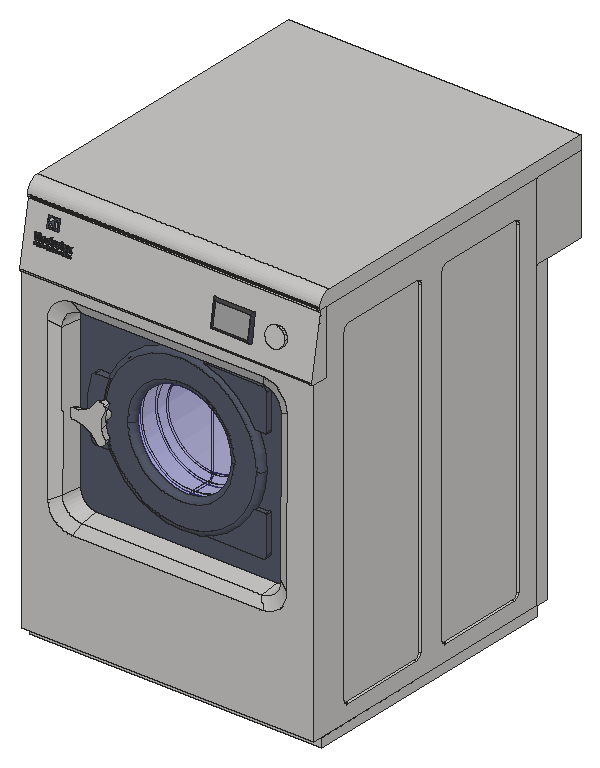
Revit family "QF_ELECTROLUXPROFESSIONAL_1LSN2C_WH6-6_E", category Attrezzature speciali, Revit 2021
Family settings
  Quota connettore circolare = Usa diametro
  Tipo di parte = Normale
  Basato su piano di lavoro = No
  Sempre verticale = Sì
  Taglio con vuoti quando caricato = No
  Condiviso = No
  Punto di calcolo locali = No
Parameters (values of type "9863430037")
  Weight = 58
  Watts = 2400 W
  Volts = 400 V
  URL = "www.electroluxprofessional.com"
  Steam Pounds per Hour = 0
  Show Logo [instance] = yes
  Show Clearance [instance] = yes
  Sensible Heat Output = "0.0"
  Produttore = "Electrolux Professional"
  Phase = 3
  Modello = "WH6-6"
  Length Actual = 681 mm
  Latent Heat Output = "0.0"
  Item Number = "1L0ED8"
  Hot Water Size [instance] = 20 mm
  Height Actual = 832 mm
  Gas KW = 0
  Direct Waste Size [instance] = 50 mm
  Descrizione = "WASHER EXTRACTOR WH6-6 6KG/13LB EL 4,4KW 380-400/220-230/50/3N/1N COMPASS PRO 6M26 2.I/O 2xWATER POWDER+5xLIQ. PUMP ..."
  Prospetto di default = 0 mm
  Depth Actual = 595 mm
  Cycle = 50 Hz
  Corrente [instance] = "11.0"
  Cold Water Size [instance] = 20 mm
Reference planes
  plane 1: z = 0
  plane 2 "BACK": y = 372.8
  plane 3 "FRONT": y = -306.9
  plane 4 "LEFT": x = -799
  plane 5 "RIGHT": x = -64
  plane 6 "TOP": z = 830.2
Forms (mm)
  Extrusion 1, solid, material "QF_Finishes_Stainless Steel"
    sketch origin (0, 0, 0) x (1, 0, 0) y (0, 1, 0)
      loop
        line (-799, 261.1) -> (-799, -286.9) -> (-204, -286.9) -> (-204, 261.1) -> (-799, 261.1)
    from 0 to 20
  Extrusion 2, solid, material "QF_Finishes_Stainless Steel"
    sketch origin (718.1, -398.1, 598.796) x (0, 0, -1) y (0, 1, 0)
      loop
        line (578.796, 659.2) -> (-201.404, 659.2) -> (-201.404, 122.184) -> (-73.404, 122.184) -> (-73.404, 91.2) -> (578.796, 91.2) -> (578.796, 659.2)
    from -1517.1 to -922.1
  Extrusion 3, solid, material "QF_Finishes_Stainless Steel"
    sketch origin (718.1, -413.1, 314.696) x (0, 0, -1) y (0, 1, 0)
      loop
        line (-485.504, 785.9) -> (-515.504, 785.9) -> (-515.504, 147.6)
        arc (-515.504, 147.6) -> (-508.182, 129.923) -> (-490.504, 122.6) r 25
        line (-490.504, 122.6) -> (-488.385, 122.6)
        arc (-488.385, 122.6) -> (-486.348, 123.444) -> (-485.504, 125.481) r 2.881
        line (-485.504, 125.481) -> (-485.504, 785.9)
    from -1517.1 to -922.1
  Extrusion 4, solid, material "QF_Finishes_Stainless Steel"
    sketch origin (718.1, -398.1, 598.796) x (0, 0, -1) y (0, 1, 0)
      loop
        line (-43.022, 659.2) -> (-43.022, 770.9) -> (-201.404, 770.9) -> (-201.404, 659.2) -> (-43.022, 659.2)
    from -1517.1 to -922.1
  Blend 5, solid, material "QF_Finishes_Stainless Steel"
    base sketch origin (655.734, 372.8, -65.972) x (0, 0, 1) y (1, 0, 0)
      loop
        circle (514, -1157.1) r 168
    top sketch origin (655.734, 372.8, -65.972) x (0, 0, 1) y (1, 0, 0)
      loop
        circle (514, -1157.1) r 93
    from -86.7 to -46.82
  Blend 6, void
    base sketch origin (1799, -398.1, 640.994) x (0, 0, -1) y (1, 0, 0)
      loop
        arc (17.312, -2485.479) -> (27.287, -2508.58) -> (50.413, -2518.496) r 34
        arc (50.413, -2518.496) -> (204.152, -2520.341) -> (357.882, -2517.867) r 5474
        arc (357.882, -2517.867) -> (380.921, -2507.903) -> (390.844, -2484.847) r 34
        arc (390.844, -2484.847) -> (393.46, -2300.5) -> (390.844, -2116.153) r 6496.247
        arc (390.844, -2116.153) -> (380.921, -2093.097) -> (357.882, -2083.133) r 34
        arc (357.882, -2083.133) -> (204.152, -2080.659) -> (50.413, -2082.504) r 5474
        arc (50.413, -2082.504) -> (27.287, -2092.42) -> (17.312, -2115.521) r 34
        arc (17.312, -2115.521) -> (14.669, -2300.5) -> (17.312, -2485.479) r 6474
    top sketch origin (1799, -398.1, 640.994) x (0, 0, -1) y (1, 0, 0)
      loop
        arc (11.708, -2485.254) -> (23.444, -2512.433) -> (50.653, -2524.1) r 40
        arc (50.653, -2524.1) -> (204.164, -2525.936) -> (357.666, -2523.471) r 5479.595
        arc (357.666, -2523.471) -> (384.773, -2511.748) -> (396.448, -2484.622) r 40
        arc (396.448, -2484.622) -> (399.055, -2300.5) -> (396.448, -2116.378) r 6501.842
        arc (396.448, -2116.378) -> (384.773, -2089.252) -> (357.666, -2077.529) r 40
        arc (357.666, -2077.529) -> (204.164, -2075.064) -> (50.653, -2076.9) r 5479.595
        arc (50.653, -2076.9) -> (23.444, -2088.567) -> (11.708, -2115.746) r 40
        arc (11.708, -2115.746) -> (9.074, -2300.5) -> (11.708, -2485.254) r 6479.595
    from -140.025 to -101.9
  Sweep 7, solid, material "QF_Finishes_Navy Blue"
    path origin (1799, -258.075, 640.994) x (0, 0, -1) y (1, 0, 0)
      loop
        circle (193.036, -2300.359) r 163.892
    profile origin (-665.252, -258.075, 447.958) x (0, -1, 0) y (1, 0, 0)
      loop
        arc (0, 1.34) -> (10, 1.34) -> (15, 10) r 10
        line (15, 10) -> (15, 55.1)
        arc (15, 55.1) -> (10, 63.76) -> (0, 63.76) r 10
        line (0, 63.76) -> (0, 1.34)
  Extrusion 8, void
    sketch origin (737.083, -398.1, 512.286) x (0, 0, -1) y (1, 0, 0)
      loop
        circle (64.327, -1238.437) r 157.984
    from -451.9 to -140.025
  Revolve 9, solid, material "QF_Finishes_Glass"
    sketch origin (-501.359, 0, -3.804) x (0, 1, 0) y (0, 0, 1)
      loop
        line (-258.075, 609.746) -> (-258.075, 569.065)
        arc (-258.075, 569.065) -> (-253.681, 558.458) -> (-243.075, 554.065) r 15
        line (-243.075, 554.065) -> (-203.798, 554.065)
        arc (-203.798, 554.065) -> (-196.727, 551.136) -> (-193.798, 544.065) r 10
        line (-193.798, 544.065) -> (-193.798, 451.762) -> (-188.798, 451.762) -> (-188.798, 544.065)
        arc (-188.798, 544.065) -> (-193.191, 554.672) -> (-203.798, 559.065) r 15
        line (-203.798, 559.065) -> (-243.075, 559.065)
        arc (-243.075, 559.065) -> (-250.146, 561.994) -> (-253.075, 569.065) r 10
        line (-253.075, 569.065) -> (-253.075, 609.746) -> (-258.075, 609.746)
      axis (-258.075, 451.762) -> (-188.798, 451.762)
    angle from 0 to 360
  Extrusion 10, solid, material "QF_Finishes_Navy Blue"
    sketch origin (1799, -398.1, 511.899) x (0, 0, 1) y (-1, 0, 0)
      loop
        arc (-138.662, 2129.17) -> (-137.249, 2129.757) -> (-136.663, 2131.17) r 2.001
        line (-136.663, 2131.17) -> (-136.665, 2160.109)
        arc (-136.665, 2160.109) -> (-193.941, 2210.588) -> (-220.858, 2282.03) r 157.984
        line (-220.858, 2282.03) -> (-220.845, 2137.124)
        arc (-220.845, 2137.124) -> (-218.488, 2131.494) -> (-212.847, 2129.164) r 8
        line (-212.847, 2129.164) -> (-138.662, 2129.17)
    from -140.025 to -130.025
  Extrusion 11, solid, material "QF_Finishes_Stainless Steel"
    sketch origin (774.256, -398.1, 512.339) x (0, 0, -1) y (1, 0, 0)
      loop
        circle (63.902, -1430.269) r 12
    from -125.025 to -106.2
  Blend 12, solid, material "QF_Finishes_Stainless Steel"
    base sketch origin (774.256, -398.1, 512.339) x (0, 0, -1) y (1, 0, 0)
      loop
        arc (50.22, -1447.259) -> (53.068, -1457.304) -> (53.866, -1467.714) r 52.31
        arc (53.866, -1467.714) -> (55.421, -1471.602) -> (59.133, -1473.541) r 6.031
        arc (59.133, -1473.541) -> (64.307, -1473.849) -> (69.48, -1473.542) r 43.662
        arc (69.48, -1473.542) -> (73.193, -1471.604) -> (74.749, -1467.716) r 6.031
        arc (74.749, -1467.716) -> (81.756, -1440.261) -> (102.032, -1420.469) r 52.396
        arc (102.032, -1420.469) -> (104.622, -1417.178) -> (104.444, -1412.994) r 6.031
        arc (104.444, -1412.994) -> (102.124, -1408.36) -> (99.272, -1404.033) r 43.662
        arc (99.272, -1404.033) -> (95.737, -1401.786) -> (91.592, -1402.383) r 6.031
        arc (91.592, -1402.383) -> (82.177, -1406.896) -> (72.053, -1409.45) r 52.31
        arc (72.053, -1409.45) -> (53.923, -1408.985) -> (37.034, -1402.379) r 52.491
        arc (37.034, -1402.379) -> (32.889, -1401.781) -> (29.354, -1404.027) r 6.031
        arc (29.354, -1404.027) -> (26.5, -1408.353) -> (24.18, -1412.987) r 43.662
        arc (24.18, -1412.987) -> (24.001, -1417.171) -> (26.591, -1420.463) r 6.031
        arc (26.591, -1420.463) -> (40.755, -1431.789) -> (50.22, -1447.259) r 52.491
    top sketch origin (774.256, -398.1, 512.339) x (0, 0, -1) y (1, 0, 0)
      loop
        arc (55.209, -1445.949) -> (58.579, -1457.755) -> (59.557, -1469.994) r 61.975
        arc (59.557, -1469.994) -> (64.361, -1470.277) -> (69.165, -1469.982) r 40.09
        arc (69.165, -1469.982) -> (77.404, -1437.725) -> (101.161, -1414.401) r 61.904
        arc (101.161, -1414.401) -> (99.031, -1410.145) -> (96.412, -1406.173) r 40.09
        arc (96.412, -1406.173) -> (85.323, -1411.444) -> (73.412, -1414.426) r 61.975
        arc (73.412, -1414.426) -> (52.094, -1413.883) -> (32.213, -1406.167) r 62.168
        arc (32.213, -1406.167) -> (29.593, -1410.139) -> (27.462, -1414.394) r 40.09
        arc (27.462, -1414.394) -> (34.62, -1419.011) -> (41.075, -1424.568) r 61.793
        arc (41.075, -1424.568) -> (49.253, -1434.524) -> (55.209, -1445.949) r 62.31
    from -91.2 to -106.2
  Blend 13, void
    base sketch origin (1799, -258.075, 640.994) x (0, 0, 1) y (1, 0, 0)
      loop
        arc (-40.17, -2544.974) -> (-5.739, -2530.172) -> (9.142, -2495.774) r 50.744
        arc (9.142, -2495.774) -> (12.075, -2300.5) -> (9.142, -2105.226) r 6500.744
        arc (9.142, -2105.226) -> (-5.739, -2070.828) -> (-40.17, -2056.026) r 50.744
        arc (-40.17, -2056.026) -> (-204.188, -2053.915) -> (-368.196, -2056.696) r 5500.744
        arc (-368.196, -2056.696) -> (-402.497, -2071.57) -> (-417.301, -2105.901) r 50.744
        arc (-417.301, -2105.901) -> (-420.204, -2300.5) -> (-417.301, -2495.099) r 6522.991
        arc (-417.301, -2495.099) -> (-402.497, -2529.43) -> (-368.196, -2544.304) r 50.744
        arc (-368.196, -2544.304) -> (-204.188, -2547.085) -> (-40.17, -2544.974) r 5500.744
    top sketch origin (1799, -258.075, 640.994) x (0, 0, 1) y (1, 0, 0)
      loop
        arc (-11.708, -2485.254) -> (-9.074, -2300.5) -> (-11.708, -2115.746) r 6479.595
        arc (-11.708, -2115.746) -> (-23.444, -2088.567) -> (-50.653, -2076.9) r 40
        arc (-50.653, -2076.9) -> (-204.164, -2075.064) -> (-357.666, -2077.529) r 5479.595
        arc (-357.666, -2077.529) -> (-384.773, -2089.252) -> (-396.448, -2116.378) r 40
        arc (-396.448, -2116.378) -> (-399.055, -2300.5) -> (-396.448, -2484.622) r 6501.842
        arc (-396.448, -2484.622) -> (-384.773, -2511.748) -> (-357.666, -2523.471) r 40
        arc (-357.666, -2523.471) -> (-204.164, -2525.936) -> (-50.653, -2524.1) r 5479.595
        arc (-50.653, -2524.1) -> (-23.444, -2512.433) -> (-11.708, -2485.254) r 40
    from -48.825 to -38.125
  Blend 14, void
    base sketch origin (-439, -182.75, 0) x (0, 1, 0) y (0, 0, 1)
      loop
        arc (-34.813, 747.751) -> (-44.621, 743.688) -> (-48.683, 733.881) r 13.87
        line (-48.683, 733.881) -> (-48.683, 64.954)
        arc (-48.683, 64.954) -> (-44.621, 55.147) -> (-34.813, 51.084) r 13.87
        line (-34.813, 51.084) -> (137.113, 51.084)
        arc (137.113, 51.084) -> (146.921, 55.147) -> (150.983, 64.954) r 13.87
        line (150.983, 64.954) -> (150.983, 733.881)
        arc (150.983, 733.881) -> (146.921, 743.688) -> (137.113, 747.751) r 13.87
        line (137.113, 747.751) -> (-34.813, 747.751)
    top sketch origin (-439, -182.75, 0) x (0, 1, 0) y (0, 0, 1)
      loop
        line (138.453, 745.351) -> (-36.153, 745.351)
        arc (-36.153, 745.351) -> (-43.316, 742.383) -> (-46.283, 735.22) r 10.13
        line (-46.283, 735.22) -> (-46.283, 63.615)
        arc (-46.283, 63.615) -> (-43.316, 56.452) -> (-36.153, 53.484) r 10.13
        line (-36.153, 53.484) -> (138.453, 53.484)
        arc (138.453, 53.484) -> (145.616, 56.452) -> (148.583, 63.615) r 10.13
        line (148.583, 63.615) -> (148.583, 735.22)
        arc (148.583, 735.22) -> (145.616, 742.383) -> (138.453, 745.351) r 10.13
    from -360 to -355
  Blend 15, void
    base sketch origin (-439, 66.75, 0) x (0, 1, 0) y (0, 0, 1)
      loop
        arc (-34.813, 747.751) -> (-44.621, 743.688) -> (-48.683, 733.881) r 13.87
        line (-48.683, 733.881) -> (-48.683, 64.954)
        arc (-48.683, 64.954) -> (-44.621, 55.147) -> (-34.813, 51.084) r 13.87
        line (-34.813, 51.084) -> (137.113, 51.084)
        arc (137.113, 51.084) -> (146.921, 55.147) -> (150.983, 64.954) r 13.87
        line (150.983, 64.954) -> (150.983, 733.881)
        arc (150.983, 733.881) -> (146.921, 743.688) -> (137.113, 747.751) r 13.87
        line (137.113, 747.751) -> (-34.813, 747.751)
    top sketch origin (-439, 66.75, 0) x (0, 1, 0) y (0, 0, 1)
      loop
        line (138.453, 745.351) -> (-36.153, 745.351)
        arc (-36.153, 745.351) -> (-43.316, 742.383) -> (-46.283, 735.22) r 10.13
        line (-46.283, 735.22) -> (-46.283, 63.615)
        arc (-46.283, 63.615) -> (-43.316, 56.452) -> (-36.153, 53.484) r 10.13
        line (-36.153, 53.484) -> (138.453, 53.484)
        arc (138.453, 53.484) -> (145.616, 56.452) -> (148.583, 63.615) r 10.13
        line (148.583, 63.615) -> (148.583, 735.22)
        arc (148.583, 735.22) -> (145.616, 742.383) -> (138.453, 745.351) r 10.13
    from -360 to -355
  Extrusion 16, solid, material "QF_Finishes_Stainless Steel"
    sketch origin (718.1, -398.1, 524.9) x (0, 0, -1) y (0, 1, 0)
      loop
        line (504.9, 659.2) -> (504.9, 684.2) -> (-116.918, 684.2) -> (-116.918, 659.2) -> (504.9, 659.2)
    from -1517.1 to -922.1
  Blend 17, void
    base sketch origin (-564, -182.75, 0) x (0, 1, 0) y (0, 0, -1)
      loop
        line (-34.813, -747.751) -> (137.113, -747.751)
        arc (137.113, -747.751) -> (146.921, -743.688) -> (150.983, -733.881) r 13.87
        line (150.983, -733.881) -> (150.983, -64.954)
        arc (150.983, -64.954) -> (146.921, -55.147) -> (137.113, -51.084) r 13.87
        line (137.113, -51.084) -> (-34.813, -51.084)
        arc (-34.813, -51.084) -> (-44.621, -55.147) -> (-48.683, -64.954) r 13.87
        line (-48.683, -64.954) -> (-48.683, -733.881)
        arc (-48.683, -733.881) -> (-44.621, -743.688) -> (-34.813, -747.751) r 13.87
    top sketch origin (-564, -182.75, 0) x (0, 1, 0) y (0, 0, -1)
      loop
        arc (138.453, -745.351) -> (145.616, -742.383) -> (148.583, -735.22) r 10.13
        line (148.583, -735.22) -> (148.583, -63.615)
        arc (148.583, -63.615) -> (145.616, -56.452) -> (138.453, -53.484) r 10.13
        line (138.453, -53.484) -> (-36.153, -53.484)
        arc (-36.153, -53.484) -> (-43.316, -56.452) -> (-46.283, -63.615) r 10.13
        line (-46.283, -63.615) -> (-46.283, -735.22)
        arc (-46.283, -735.22) -> (-43.316, -742.383) -> (-36.153, -745.351) r 10.13
        line (-36.153, -745.351) -> (138.453, -745.351)
    from -360 to -355
  Blend 18, void
    base sketch origin (-564, 66.75, 0) x (0, 1, 0) y (0, 0, -1)
      loop
        line (-34.813, -747.751) -> (137.113, -747.751)
        arc (137.113, -747.751) -> (146.921, -743.688) -> (150.983, -733.881) r 13.87
        line (150.983, -733.881) -> (150.983, -64.954)
        arc (150.983, -64.954) -> (146.921, -55.147) -> (137.113, -51.084) r 13.87
        line (137.113, -51.084) -> (-34.813, -51.084)
        arc (-34.813, -51.084) -> (-44.621, -55.147) -> (-48.683, -64.954) r 13.87
        line (-48.683, -64.954) -> (-48.683, -733.881)
        arc (-48.683, -733.881) -> (-44.621, -743.688) -> (-34.813, -747.751) r 13.87
    top sketch origin (-564, 66.75, 0) x (0, 1, 0) y (0, 0, -1)
      loop
        arc (138.453, -745.351) -> (145.616, -742.383) -> (148.583, -735.22) r 10.13
        line (148.583, -735.22) -> (148.583, -63.615)
        arc (148.583, -63.615) -> (145.616, -56.452) -> (138.453, -53.484) r 10.13
        line (138.453, -53.484) -> (-36.153, -53.484)
        arc (-36.153, -53.484) -> (-43.316, -56.452) -> (-46.283, -63.615) r 10.13
        line (-46.283, -63.615) -> (-46.283, -735.22)
        arc (-46.283, -735.22) -> (-43.316, -742.383) -> (-36.153, -745.351) r 10.13
        line (-36.153, -745.351) -> (138.453, -745.351)
    from -360 to -355
  Extrusion 19, solid, material "QF_Finishes_Navy Blue"
    sketch origin (1799, -398.1, 384.158) x (0, 0, -1) y (1, 0, 0)
      loop
        line (-138.662, -2129.17) -> (-212.847, -2129.164)
        arc (-212.847, -2129.164) -> (-218.488, -2131.494) -> (-220.845, -2137.124) r 8
        line (-220.845, -2137.124) -> (-220.858, -2282.03)
        arc (-220.858, -2282.03) -> (-193.941, -2210.588) -> (-136.665, -2160.109) r 157.984
        line (-136.665, -2160.109) -> (-136.663, -2131.17)
        arc (-136.663, -2131.17) -> (-137.249, -2129.757) -> (-138.662, -2129.17) r 2.001
    from -140.025 to -130.025
  Extrusion 20, solid, material "QF_Finishes_Navy Blue"
    sketch origin (1471.204, -398.1, 618.971) x (0, 0, 1) y (-1, 0, 0)
      loop
        line (-106.047, 2116.572) -> (-106.047, 2145.048)
        arc (-106.047, 2145.048) -> (-107.973, 2150.949) -> (-113.011, 2154.576) r 10
        arc (-113.011, 2154.576) -> (-170.922, 2163.594) -> (-228.842, 2154.631) r 191.031
        arc (-228.842, 2154.631) -> (-233.885, 2151.004) -> (-235.815, 2145.1) r 10
        line (-235.815, 2145.1) -> (-235.815, 2116.645)
        arc (-235.815, 2116.645) -> (-170.923, 2130.547) -> (-106.047, 2116.572) r 157.984
    from -140.025 to -125.025
  Sweep 21, solid, material "QF_Finishes_Black"
    path origin (-1296.196, -327.051, 581.834) x (0, 0.173648, 0.984808) y (-1, 0, 0)
      loop
        line (121.52, -965.009) -> (176.52, -965.009) -> (176.52, -882.261) -> (121.52, -882.261) -> (121.52, -965.009)
    profile origin (-331.187, -301.174, 728.59) x (-1, 0, 0) y (0, -0.984808, 0.173648)
      loop
        line (5, 0) -> (5, 5)
        arc (5, 5) -> (1.464, 3.536) -> (0, 0) r 5
        line (0, 0) -> (5, 0)
  Extrusion 22, solid, material "QF_Finishes_Dark Grey"
    sketch origin (-479, -310.318, 676.73) x (0, 0.173648, 0.984808) y (-1, 0, 0)
      loop
        line (30.16, -70.065) -> (30.16, -142.813) -> (75.16, -142.813) -> (75.16, -70.065) -> (30.16, -70.065)
    from 0 to 4
  Extrusion 23, solid, material "QF_Finishes_Stainless Steel"
    sketch origin (-499, 119.935, -217.376) x (0, 1, 0) y (0, 0, 1)
      loop
        line (-395.851, 889.576) -> (-395.851, 1017.576) -> (-404.286, 1017.576)
        arc (-404.286, 1017.576) -> (-407.5, 1016.406) -> (-409.21, 1013.444) r 5
        line (-409.21, 1013.444) -> (-430.43, 893.097)
        arc (-430.43, 893.097) -> (-429.774, 890.648) -> (-427.476, 889.576) r 3
        line (-427.476, 889.576) -> (-395.851, 889.576)
    from -300 to 295
  Extrusion 24, solid, material "QF_Finishes_Stainless Steel"
    sketch origin (-499, -310.439, 676.042) x (0, 0.173648, 0.984808) y (-1, 0, 0)
      loop
        circle (55.088, -215.558) r 20
    from 0 to 4.981
  Revolve 25, solid, material "QF_Door-Drawer Clearances", visible <- "Show Clearance", detail levels coarse
    sketch origin (-1732.685, -274.5, 4000) x (-1, 0, 0) y (0, 0, 1)
      loop
        circle (-1231.319, -3551.972) r 163.386
      axis (-1403.685, -3551.972) -> (-1403.685, -3550.972)
    angle from 0 to 90
  Extrusion 26, solid, material "QF_Finishes_Stainless Steel"
    sketch origin (-148.213, 33.843, 641.818) x (1, 0, 0) y (0, -1, 0)
      loop
        circle (-566.987, -276.757) r 13.9
      loop
        circle (-456.987, -276.757) r 13.9
      loop
        circle (-104.587, -286.357) r 13.9
    from 0 to 5
  Extrusion 27, solid, material "QF_Finishes_Stainless Steel"
    sketch origin (508.137, 286.1, -61.225) x (0, 0, 1) y (1, 0, 0)
      loop
        circle (127.125, -789.637) r 30
    from 0 to 5
  Extrusion 28, solid
    sketch origin (-652.538, -384.591, 255.505) x (-1, 0, 0) y (0, -0.173648, -0.984808)
      loop
        line (117.185, -498.69) -> (124.622, -498.69) -> (124.622, -490.031)
        arc (124.622, -490.031) -> (123.643, -487.668) -> (121.28, -486.689) r 3.341
        line (121.28, -486.689) -> (117.042, -486.689) -> (117.042, -488.632) -> (120.796, -488.632)
        arc (120.796, -488.632) -> (122.03, -489.049) -> (122.555, -490.241) r 1.615
        line (122.555, -490.241) -> (122.555, -491.958) -> (117.507, -491.958) -> (117.507, -493.907) -> (122.555, -493.907) -> (122.555, -496.746) -> (117.185, -496.746) -> (117.185, -498.69)
      loop
        line (115.573, -498.69) -> (115.573, -486.689) -> (113.507, -486.689) -> (113.507, -498.69) -> (115.573, -498.69)
      loop
        line (70.681, -498.69) -> (70.681, -486.689) -> (68.613, -486.689) -> (68.613, -498.69) -> (70.681, -498.69)
      loop
        line (110.089, -490.521) -> (103.306, -490.521)
        arc (103.306, -490.521) -> (104.367, -494.248) -> (107.995, -495.607) r 4.298
        arc (107.995, -495.607) -> (111.19, -493.986) -> (112.102, -490.521) r 4.373
        arc (112.102, -490.521) -> (110.902, -487.624) -> (108.005, -486.424) r 4.097
        arc (108.005, -486.424) -> (105.75, -486.757) -> (103.86, -488.03) r 5.15
        line (103.86, -488.03) -> (105.084, -489.254)
        arc (105.084, -489.254) -> (106.691, -488.29) -> (108.559, -488.452) r 3.039
        arc (108.559, -488.452) -> (109.697, -489.21) -> (110.089, -490.521) r 2.013
      loop
        line (110.037, -491.975) -> (105.382, -491.975)
        arc (105.382, -491.975) -> (106.036, -493.349) -> (107.471, -493.855) r 1.983
        arc (107.471, -493.855) -> (109.127, -493.424) -> (110.037, -491.975) r 2.321
      loop
        line (95.248, -492.84) -> (93.951, -494.138)
        arc (93.951, -494.138) -> (95.578, -495.316) -> (97.556, -495.668) r 4.497
        arc (97.556, -495.668) -> (100.573, -494.566) -> (102.156, -491.771) r 4.652
        arc (102.156, -491.771) -> (99.487, -486.872) -> (94.024, -488.001) r 4.684
        line (94.024, -488.001) -> (95.315, -489.292)
        arc (95.315, -489.292) -> (98.1, -488.37) -> (100.096, -490.521) r 2.714
        arc (100.096, -490.521) -> (99.957, -492.222) -> (98.786, -493.464) r 2.578
        arc (98.786, -493.464) -> (96.912, -493.75) -> (95.248, -492.84) r 2.961
      loop
        line (92.681, -498.69) -> (92.681, -490.489)
        arc (92.681, -490.489) -> (92.502, -489.259) -> (92.042, -488.104) r 5.301
        arc (92.042, -488.104) -> (90.566, -486.931) -> (88.698, -486.684) r 3.531
        line (88.698, -486.684) -> (88.698, -488.621)
        arc (88.698, -488.621) -> (89.254, -488.663) -> (89.772, -488.868) r 1.862
        arc (89.772, -488.868) -> (90.436, -489.571) -> (90.614, -490.521) r 1.713
        line (90.614, -490.521) -> (90.614, -493.491) -> (88.737, -493.491) -> (88.737, -495.369) -> (90.614, -495.369) -> (90.614, -498.69) -> (92.681, -498.69)
      loop
        arc (84.947, -491.252) -> (84.8, -492.117) -> (84.373, -492.884) r 2.607
        arc (84.373, -492.884) -> (83.135, -493.52) -> (81.743, -493.491) r 2.84
        line (81.743, -493.491) -> (81.743, -495.477)
        arc (81.743, -495.477) -> (83.561, -495.306) -> (84.947, -494.117) r 3.016
        line (84.947, -494.117) -> (84.947, -495.369) -> (86.997, -495.369) -> (86.997, -486.689) -> (84.947, -486.689) -> (84.947, -491.252)
      loop
        circle (76.689, -491.027) r 4.599
      loop
        circle (76.689, -491.027) r 2.787
      loop
        arc (61.158, -490.304) -> (61.669, -488.901) -> (63.053, -488.341) r 1.835
        arc (63.053, -488.341) -> (64.437, -488.901) -> (64.948, -490.304) r 1.835
        line (64.948, -490.304) -> (64.948, -495.368) -> (67.032, -495.368) -> (67.032, -490.132)
        arc (67.032, -490.132) -> (65.846, -487.428) -> (63.053, -486.47) r 3.675
        arc (63.053, -486.47) -> (60.229, -487.457) -> (59.075, -490.217) r 3.675
        line (59.075, -490.217) -> (59.075, -495.368) -> (61.158, -495.368) -> (61.158, -490.304)
      loop
        line (57.825, -495.368) -> (54.824, -491.293) -> (58.121, -486.686) -> (55.899, -486.686) -> (53.711, -489.744) -> (51.489, -486.686) -> (49.282, -486.686) -> (52.532, -491.34) -> (49.56, -495.368) -> (51.816, -495.368) -> (53.718, -492.792) -> (55.589, -495.368) -> (57.825, -495.368)
      loop
        line (123.459, -481.715) -> (125.107, -481.715) -> (125.107, -477.564) -> (124.205, -477.564) -> (124.205, -478.994) -> (123.208, -478.994)
        arc (123.208, -478.994) -> (122.093, -480.469) -> (123.459, -481.715) r 1.372
      loop
        arc (123.248, -479.809) -> (122.906, -480.343) -> (123.248, -480.876) r 0.587
        line (123.248, -480.876) -> (124.205, -480.876) -> (124.205, -479.809) -> (123.248, -479.809)
      loop
        line (116.947, -481.715) -> (118.624, -481.715) -> (118.624, -477.564) -> (117.722, -477.564) -> (117.722, -478.994) -> (116.849, -478.994) -> (116.252, -477.564) -> (115.284, -477.564) -> (116.1, -479.314)
        arc (116.1, -479.314) -> (115.709, -479.782) -> (115.578, -480.377) r 1.281
        arc (115.578, -480.377) -> (115.99, -481.325) -> (116.947, -481.715) r 1.37
      loop
        line (117.722, -480.876) -> (117.722, -479.809) -> (116.764, -479.809)
        arc (116.764, -479.809) -> (116.423, -480.343) -> (116.764, -480.876) r 0.587
        line (116.764, -480.876) -> (117.722, -480.876)
      loop
        circle (109.985, -479.64) r 2.156
      loop
        circle (109.985, -479.64) r 1.368
      loop
        line (104.287, -481.714) -> (104.287, -477.564) -> (103.407, -477.564) -> (103.407, -479.015) -> (101.845, -479.015) -> (101.845, -479.945) -> (103.407, -479.945) -> (103.407, -480.82) -> (101.695, -480.82) -> (101.695, -481.714) -> (104.287, -481.714)
      loop
        line (98.195, -481.714) -> (98.195, -478.912)
        arc (98.195, -478.912) -> (97.812, -477.963) -> (96.868, -477.568) r 1.327
        line (96.868, -477.568) -> (95.528, -477.568) -> (95.528, -478.352) -> (96.787, -478.352)
        arc (96.787, -478.352) -> (97.251, -478.735) -> (97.342, -479.33) r 0.845
        line (97.342, -479.33) -> (95.684, -479.33) -> (95.684, -480.114) -> (97.342, -480.114) -> (97.342, -480.931) -> (95.569, -480.931) -> (95.569, -481.714) -> (98.195, -481.714)
      loop
        arc (83.167, -481.189) -> (83.716, -481.64) -> (84.413, -481.784) r 1.485
        arc (84.413, -481.784) -> (85.055, -481.626) -> (85.584, -481.227) r 1.645
        arc (85.584, -481.227) -> (85.682, -480.285) -> (85.074, -479.558) r 1.217
        arc (85.074, -479.558) -> (84.563, -479.387) -> (84.078, -479.153) r 4.201
        arc (84.078, -479.153) -> (83.771, -478.792) -> (83.983, -478.368) r 0.43
        arc (83.983, -478.368) -> (84.375, -478.276) -> (84.765, -478.375) r 0.846
        arc (84.765, -478.375) -> (85.102, -478.618) -> (85.309, -478.979) r 0.983
        line (85.309, -478.979) -> (86.035, -478.64)
        arc (86.035, -478.64) -> (85.773, -478.136) -> (85.352, -477.755) r 1.595
        arc (85.352, -477.755) -> (84.874, -477.551) -> (84.356, -477.499) r 1.719
        arc (84.356, -477.499) -> (83.717, -477.626) -> (83.141, -477.932) r 2.246
        arc (83.141, -477.932) -> (82.887, -478.609) -> (83.018, -479.319) r 1.349
        arc (83.018, -479.319) -> (83.302, -479.647) -> (83.665, -479.884) r 1.564
        arc (83.665, -479.884) -> (84.123, -480.088) -> (84.594, -480.265) r 8.236
        arc (84.594, -480.265) -> (84.866, -480.687) -> (84.473, -481.001) r 0.375
        arc (84.473, -481.001) -> (84.002, -480.888) -> (83.641, -480.566) r 0.998
        line (83.641, -480.566) -> (83.167, -481.189)
      loop
        line (79.359, -481.714) -> (79.359, -477.568) -> (78.506, -477.568) -> (78.506, -481.714) -> (79.359, -481.714)
      loop
        circle (72.757, -479.641) r 1.29
      loop
        circle (72.757, -479.641) r 2.154
      loop
        line (67.036, -477.568) -> (66.174, -477.568) -> (66.174, -480.175) -> (64.277, -477.568) -> (63.448, -477.568) -> (63.448, -481.714) -> (64.31, -481.714) -> (64.31, -479.028) -> (66.207, -481.714) -> (67.036, -481.714) -> (67.036, -477.568)
      loop
        line (59.149, -477.568) -> (58.745, -478.462) -> (57.211, -478.462) -> (56.807, -477.568) -> (55.891, -477.568) -> (57.642, -481.714) -> (58.442, -481.714) -> (60.064, -477.568) -> (59.149, -477.568)
      loop
        line (57.594, -479.313) -> (58.005, -480.224) -> (58.404, -479.313) -> (57.594, -479.313)
      loop
        line (51.655, -478.352) -> (51.655, -481.714) -> (52.508, -481.714) -> (52.508, -477.568) -> (50.06, -477.568) -> (50.06, -478.352) -> (51.655, -478.352)
      loop
        arc (89.384, -481.189) -> (89.934, -481.64) -> (90.63, -481.784) r 1.485
        arc (90.63, -481.784) -> (91.273, -481.626) -> (91.802, -481.227) r 1.645
        arc (91.802, -481.227) -> (91.899, -480.285) -> (91.291, -479.558) r 1.217
        arc (91.291, -479.558) -> (90.78, -479.387) -> (90.295, -479.153) r 4.201
        arc (90.295, -479.153) -> (89.989, -478.792) -> (90.2, -478.368) r 0.43
        arc (90.2, -478.368) -> (90.592, -478.276) -> (90.982, -478.375) r 0.846
        arc (90.982, -478.375) -> (91.32, -478.618) -> (91.526, -478.979) r 0.983
        line (91.526, -478.979) -> (92.252, -478.64)
        arc (92.252, -478.64) -> (91.991, -478.136) -> (91.569, -477.755) r 1.595
        arc (91.569, -477.755) -> (91.091, -477.551) -> (90.574, -477.499) r 1.719
        arc (90.574, -477.499) -> (89.935, -477.626) -> (89.359, -477.932) r 2.246
        arc (89.359, -477.932) -> (89.104, -478.609) -> (89.236, -479.319) r 1.349
        arc (89.236, -479.319) -> (89.519, -479.647) -> (89.882, -479.884) r 1.564
        arc (89.882, -479.884) -> (90.341, -480.088) -> (90.811, -480.265) r 8.236
        arc (90.811, -480.265) -> (91.083, -480.687) -> (90.69, -481.001) r 0.375
        arc (90.69, -481.001) -> (90.22, -480.888) -> (89.858, -480.566) r 0.998
        line (89.858, -480.566) -> (89.384, -481.189)
    from 0 to 1.6
  Extrusion 29, solid
    sketch origin (-499, -310.439, 676.042) x (0, 0.173648, 0.984808) y (-1, 0, 0)
      loop
        line (107.116, 241.926) -> (87.321, 241.926)
        arc (87.321, 241.926) -> (97.219, 234.609) -> (107.116, 241.926) r 10.352
      loop
        arc (107.116, 242.933) -> (105.245, 251.165) -> (97.793, 255.131) r 10.145
        line (97.793, 255.131) -> (97.793, 251.856)
        arc (97.793, 251.856) -> (100.167, 246.006) -> (105.683, 242.933) r 9.509
        line (105.683, 242.933) -> (107.116, 242.933)
      loop
        arc (88.755, 242.933) -> (94.27, 246.006) -> (96.645, 251.856) r 9.509
        line (96.645, 251.856) -> (96.645, 255.131)
        arc (96.645, 255.131) -> (89.131, 251.171) -> (87.067, 242.933) r 10.411
        line (87.067, 242.933) -> (88.755, 242.933)
      loop
        line (108.196, 255.882) -> (86.196, 255.882) -> (86.196, 233.852) -> (108.196, 233.852) -> (108.196, 255.882)
    from 0 to 1.6
Cuts and joins
  Blend 6, Extrusion 8, Blend 13, Blend 14, Blend 15, Blend 17, Blend 18 cuts Extrusion 2
  Blend 13 cuts Sweep 7
  Blend 13 cuts Extrusion 10
  joined: Sweep 7, Extrusion 10, Extrusion 19, Extrusion 20
  Blend 13 cuts Revolve 9
  joined: Extrusion 11, Blend 12
Lines and regions (mm)
  Split face 1
    outline origin (-499, -310.439, 676.042) x (0, 0.173648, 0.984808) y (-1, 0, 0)
      loop
        arc (118.887, 71.684) -> (117.325, 75.454) -> (113.555, 77.016) r 5.331
        line (113.555, 77.016) -> (16.813, 77.016)
        arc (16.813, 77.016) -> (12.926, 75.406) -> (11.315, 71.518) r 5.497
        line (11.315, 71.518) -> (11.315, -282.223)
        arc (11.315, -282.223) -> (12.926, -286.11) -> (16.813, -287.72) r 5.497
        line (16.813, -287.72) -> (113.389, -287.72)
        arc (113.389, -287.72) -> (117.277, -286.11) -> (118.887, -282.223) r 5.497
        line (118.887, -282.223) -> (118.887, 71.684)
  Split face 2
    outline origin (-499, -310.439, 676.042) x (0, 0.173648, 0.984808) y (-1, 0, 0)
      loop
        line (88.598, -287.72) -> (88.598, -37.647)
        arc (88.598, -37.647) -> (86.314, -26.166) -> (79.811, -16.433) r 30
        line (79.811, -16.433) -> (15.487, 46.221)
        arc (15.487, 46.221) -> (13.825, 46.834) -> (12.257, 46.009) r 2.178
        arc (12.257, 46.009) -> (11.558, 44.731) -> (11.315, 43.294) r 4.384
  Split face 3
    outline origin (-499, -310.439, 676.042) x (0, 0.173648, 0.984808) y (-1, 0, 0)
      loop
        line (93.598, -287.72) -> (93.598, -37.647)
        arc (93.598, -37.647) -> (90.934, -24.253) -> (83.347, -12.898) r 35
        line (83.347, -12.898) -> (48.219, 22.23)
        arc (48.219, 22.23) -> (42.799, 30.341) -> (40.896, 39.908) r 25
        line (40.896, 39.908) -> (40.896, 74.86) -> (47.896, 74.86) -> (47.896, 53.33)
        arc (47.896, 53.33) -> (49.654, 44.494) -> (54.659, 37.004) r 23.088
        line (54.659, 37.004) -> (93.953, -2.291)
        arc (93.953, -2.291) -> (104.792, -18.512) -> (108.598, -37.647) r 50
        line (108.598, -37.647) -> (108.598, -287.72)
  Split face 4
    outline origin (-499, -310.439, 676.042) x (0, 0.173648, 0.984808) y (-1, 0, 0)
      loop
        line (40.896, 292.016) -> (40.896, 81.524) -> (47.896, 81.524) -> (47.896, 292.016) -> (40.896, 292.016)
  symbolic lines
    curve 1: line (-799, -306.9, 830.2) -> (-204, -306.9, 830.2)
    curve 2: line (-204, 372.8, 0) -> (-204, -306.9, 0)
    curve 3: line (-799, 372.8, 0) -> (-799, -306.9, 0)
    curve 5: line (-204, 372.8, 830.2) -> (-799, 372.8, 830.2)
    curve 6: line (-799, -275.916, 830.2) -> (-204, -275.916, 830.2)
  symbolic lines, style "QF_Door-Drawer Clearances", visible <- "Show Clearance"
    curve 4: line (-329, -610.277, 0) -> (-329, -306.9, 0)
  symbolic lines, style "QF_Door-Drawer Clearances"
    curve 7: arc (-662.939, -306.9, 0) -> (-555.017, -523.584, 0) -> (-329, -610.277, 0) r 333.662
Dimensions and locks
  plane 4 "LEFT" to plane 5 "RIGHT" = 735 mm
  plane 2 "BACK" to plane 3 "FRONT" = 679.7 mm
  plane 6 "TOP" to level = 830.2 mm
  plane 2 "BACK" to Extrusion 26 sketch curve = 62.2 mm  (x2)
  plane 4 "LEFT" to Extrusion 26 sketch curve = 83.8 mm
  plane 4 "LEFT" to Extrusion 26 sketch curve = 193.8 mm
  Extrusion 26 sketch curve to Extrusion 3 = 48.8 mm
  plane 2 "BACK" to Extrusion 26 sketch curve = 52.6 mm
  level to Extrusion 27 sketch curve = 65.9 mm
  Extrusion 16 to Extrusion 27 sketch curve = 77.5 mm
  aligned and locked: level to plane 1
  aligned and locked: Extrusion 2 to plane 4 "LEFT"
  aligned and locked: Extrusion 3 to plane 4 "LEFT"
  aligned and locked: Extrusion 4 to plane 4 "LEFT"
Connectors
  piping at (-605.2, 310.6, 636.818), diameter 27.8
    settings: on Extrusion 26, index 1, connector inside diameter 609.6 mm, connector length 0 mm, flow factor 0, pipe flow 0.0 L/s, pressure drop 0.0 Pa, fitting loss kfactor 0, connector angle 0.00°, fixture units 0, engagement length 0 mm, angle of deflection 0.00°, flow configuration 1, flow direction 1, fitting loss method 0, system type 19, joint type 0, gender type 0, connector reference index -1, connector utility 0, adjustable connector no, is connector primary yes, connector description "Hot Water Inlet"
  piping at (-715.2, 310.6, 636.818), diameter 27.8
    settings: on Extrusion 26, index 2, connector inside diameter 609.6 mm, connector length 0 mm, flow factor 0, pipe flow 0.0 L/s, pressure drop 0.0 Pa, fitting loss kfactor 0, connector angle 0.00°, fixture units 0, engagement length 0 mm, angle of deflection 0.00°, flow configuration 1, flow direction 1, fitting loss method 0, system type 20, joint type 0, gender type 0, connector reference index -1, connector utility 0, adjustable connector no, is connector primary no, connector description "Cold Water Inlet"
  electrical at (-252.8, 320.2, 636.818)
    settings: on Extrusion 26, index 3, voltage 0 V, apparent load 0 VA, apparent load phase1 0 VA, apparent load phase2 0 VA, apparent load phase3 0 VA, power factor 1, load classification "Altro", number of poles 1, system type 30, power factor state 1, is connector primary yes, connector utility no, sub classification motor no, connector description "Electrical Connection"
  piping at (-281.5, 291.1, 65.9), diameter 60
    settings: on Extrusion 27, index 4, connector inside diameter 609.6 mm, connector length 0 mm, flow factor 0, pipe flow 0.0 L/s, pressure drop 0.0 Pa, fitting loss kfactor 0, connector angle 0.00°, fixture units 0, engagement length 0 mm, angle of deflection 0.00°, flow configuration 1, flow direction 2, fitting loss method 0, system type 16, joint type 0, gender type 0, connector reference index -1, connector utility 0, adjustable connector no, is connector primary no, connector description "Drain"
Types (140, lengths in mm): name | Watts | Volts | Phase | Item Number | Descrizione | Cycle | Corrente
  (no name) | 2400 W | 400 V | 3 | "1L0ED8" | "WASHER EXTRACTOR WH6-6 6KG/13LB EL 4,4KW 380-400/220-230/50/3N/1N COMPASS PRO 6M26 2.I/O 2xWATER POWDER+5xLIQ. PUMP ..." | 50 Hz | "11.0"
  9863430007 | 2400 W | 400 V | 3 | "1L0ECD" | "WASHER EXTRACTOR WH6-6 6KG/13LB EL 4,4KW 380-400/220-230/50/3N/1N COMPASS PRO 6H12 2.I/O 2xWATER POWDER+5xLIQ. QC VA..." | 50 Hz | "11.0"
  9863430017 | 2400 W | 400 V | 3 | "1L0ECN" | "WASHER WH6-6 6KG EL 4,4KW 380-400/220-230/50/3N/1N COMPASS PRO 6L25 ML 2xWATER POWDER+5xLIQ. PUMP SILVER EXT.PM. 2.I/O " | 50 Hz | "11.0"
  9863430207 | 4600 W | 480 V | 3 | "1L0H5S" | "WASHER EXTRACTOR WH6-6 MARINE 6KG/13LB EL 4,4KW 480/60/3 COMPASS PRO 6G07 2.I/O 2xWATER POWDER+5xLIQ. VALV.OPEN SLVR..." | 60 Hz | "10.0"
  9863430217 | 4200 W | 440 V | 3 | "1LT66F" | "Model: WH6-6 TYPE FAMILY W555H17 CH-EN MARINE 6KG EL 4KW 440/60/3 CPR 6G07 ML 2xWATER POWDER VALV.OPEN SILVER TRAFO" | 60 Hz | "9.9"
  9863430227 | 3500 W | 400 V | 3 | "1LT6GB" | "WASHER EXTRACTOR WH6-6 6KG/13LB EL 3,3KW 380-400/220-230/60/3N/1N COMPASS PRO 6G01 2.I/O 2xWATER POWDER+5xLIQ. VALV...." | 60 Hz | "15.8"
  9863430193 | 4200 W | 440 V | 3 | "1L0GUG" | "WASHER EXTRACTOR WH6-6 MARINE 6KG/13LB EL 4KW 440/60/3 COMPASS PRO 6G07 2xWATER POWDER VALV.OPEN SLVR/SLVR INS. TRAFO" | 60 Hz | "9.9"
  9863430173 | 500 W | 240 V | 1 | "1L999M" | "WASHER EXTRACTOR WH6-6 6KG/13LB NO HEAT 220-240/50/1N COMPASS PRO 6L25 2.I/O 2xWATER POWDER+5xLIQ. PUMP SST/SLVR" | 50 Hz | "4.0"
  9863430143 | 4200 W | 440 V | 3 | "1LA1AT" | "WASHER EXTRACTOR WH6-6 MARINE 6KG/13LB EL 4KW 440/60/3 COMPASS PRO 6G07 2xWATER POWDER VALV.OPEN SLVR/SLVR TRAFO" | 60 Hz | "9.9"
  9863430153 | 3000 W | 240 V | 1 | "1LA21G" | "WASHER EXTRACTOR WH6-6 6KG/13LB EL 2,8KW 220-240/50/1N COMPASS PRO 6G25 2.I/O 2xWATER POWDER+5xLIQ. PUMP SLVR/SLVR 1..." | 50 Hz | "13.2"
  9863430113 | 2400 W | 400 V | 3 | "1LSNGY" | "WASHER EXTRACTOR WH6-6 MARINE 6KG/13LB EL 4,4KW 380-400/220-230/60/3N/1N COMPASS PRO 6G27 2.I/O 2xWATER POWDER+5xLIQ..." | 60 Hz | "11.0"
  9863430088 | 3000 W | 240 V | 3 | "1L0EL6" | "WASHER EXTRACTOR WH6-6 6KG/13LB EL 2,8KW 208-240/60/3 COMPASS PRO 6L01 2.I/O 2xWATER POWDER+5xLIQ. VALV.OPEN SLVR/SLVR" | 60 Hz | "10.1"
  9863430098 | 2400 W | 400 V | 3 | "1LSNBM" | "WASHER EXTRACTOR WH6-6 6KG/13LB EL 4,4KW 380-400/220-230/50/3N/1N COMPASS PRO 6H12 2.I/O 2xWATER POWDER+5xLIQ. QC PU..." | 50 Hz | "11.0"
  9863430078 | 2400 W | 400 V | 3 | "1LSN6B" | "WASHER EXTRACTOR WH6-6 6KG/13LB EL 4,4KW 380-400/220-230/50/3N/1N COMPASS PRO 6A01 2xWATER POWDER VALV.OPEN SLVR/SLV..." | 50 Hz | "11.0"
  9863430058 | 2400 W | 400 V | 3 | "1L80G7" | "WASHER EXTRACTOR WH6-6 6KG/13LB EL 4,4KW 380-400/220-230/50/3N/1N COMPASS PRO 6A01 2xWATER POWDER EL.VALV.OPEN SLVR/..." | 50 Hz | "11.0"
  9863430028 | 4200 W | 440 V | 3 | "1L0ED0" | "WASHER EXTRACTOR WH6-6 MARINE 6KG/13LB EL 4KW 440/60/3 COMPASS PRO 6G27 2xWATER POWDER PUMP SLVR/SLVR TRAFO" | 60 Hz | "9.9"
  9863430018 | 2400 W | 400 V | 3 | "1L0ECP" | "WASHER EXTRACTOR WH6-6 6KG/13LB EL 4,4KW 380-400/220-230/50/3N/1N COMPASS PRO 6M14 2.I/O 2xWATER POWDER+5xLIQ. QC EL..." | 50 Hz | "11.0"
  9863430083 | 3000 W | 240 V | 1 | "1L0EK6" | "WASHER EXTRACTOR WH6-6 6KG/13LB EL 2,8KW 208-240/60/1 COMPASS PRO 6L01 2.I/O 2xWATER POWDER+5xLIQ. VALV.OPEN SLVR/SLVR" | 60 Hz | "13.2"
  9863430063 | 600 W | 120 V | 1 | "1L80GF" | "WASHER EXTRACTOR WH6-6 6KG/13LB NO HEAT 120/60/1N COMPASS PRO 6L33 2.I/O 2xWATER POWDER+5xLIQ. PUMP SLVR/SLVR TRAFO" | 60 Hz | "7.0"
  9863430186 | 4200 W | 440 V | 3 | "1L0GTB" | "WASHER EXTRACTOR WH6-6 MARINE 6KG/13LB EL 4KW 440/60/3 COMPASS PRO 6G27 2xWATER POWDER PUMP SLVR/SLVR TRAFO" | 60 Hz | "9.9"
  9863430023 | 2400 W | 400 V | 3 | "1L0ECV" | "WASHER EXTRACTOR WH6-6 6KG/13LB EL 4,4KW 380-400/220-230/50/3N/1N COMPASS PRO 6A01 2xWATER POWDER VALV.OPEN SLVR/SLV..." | 50 Hz | "11.0"
  9863430166 | 2400 W | 400 V | 3 | "1L0GE6" | "WASHER EXTRACTOR WH6-6 MARINE 6KG/13LB EL 4,4KW 380-400/220-230/60/3N/1N COMPASS PRO 6G27 2xWATER POWDER PUMP SLVR/SLVR" | 60 Hz | "11.0"
  9863430176 | 500 W | 240 V | 1 | "1L0GP0" | "WASHER EXTRACTOR WH6-6 6KG/13LB NO HEAT 220-240/50/1N COMPASS PRO 6G01 2xWATER POWDER VALV.OPEN SLVR/SLVR" | 50 Hz | "4.0"
  9863430146 | 4600 W | 230 V | 1 | "1LA21A" | "WASHER EXTRACTOR WH6-6 6KG/13LB EL 4,4KW 220-230/50/1N COMPASS PRO 6G01 2xWATER POWDER VALV.OPEN SLVR/SLVR" | 50 Hz | "20.6"
  9863430126 | 3500 W | 400 V | 3 | "1LSNRD" | "WASHER EXTRACTOR WH6-6 MARINE 6KG/13LB EL 3,3KW 380-400/50/3 COMPASS PRO 6G07 2.I/O 2xWATER POWDER+5xLIQ. EL.VALV.OP..." | 50 Hz | "9.1"
  9863430196 | 3500 W | 400 V | 3 | "1LSPHT" | "WASHER EXTRACTOR WH6-6 6KG/13LB EL 3,3KW 380-400/220-230/50/3N/1N COMPASS PRO 6M17 2.I/O 2xWATER POWDER+5xLIQ. EL.VA..." | 50 Hz | "15.8"
  9863430213 | 3800 W | 415 V | 3 | "1LT65S" | "WASHER EXTRACTOR WH6-6 MARINE 6KG/13LB EL 3,6KW 380-415/50/3 COMPASS PRO 6G07 2.I/O 2xWATER POWDER+5xLIQ. QC VALV.OP..." | 50 Hz | "9.4"
  9863430064 | 600 W | 120 V | 1 | "1L80GG" | "WASHER EXTRACTOR WH6-6 6KG/13LB NO HEAT 120/60/1N COMPASS PRO 6L33 2xWATER POWDER VALV.OPEN SLVR/SLVR ELS-NETW. TRAFO" | 60 Hz | "7.0"
  9863430044 | 3500 W | 200 V | 3 | "1L0EHE" | "WASHER EXTRACTOR WH6-6 6KG/13LB EL 3,3KW 200/50/60/3 COMPASS PRO 6H43 2.I/O 2xWATER POWDER+5xLIQ. VALV.OPEN SLVR/SLV..." | 50 Hz | "14.4"
  9863430189 | 3500 W | 400 V | 3 | "1L0GTE" | "WASHER EXTRACTOR WH6-6 MARINE 6KG/13LB EL 3,3KW 380-400/50/3 COMPASS PRO 6G07 2.I/O 2xWATER POWDER+5xLIQ. EL.VALV.OP..." | 50 Hz | "9.1"
  9863430024 | 4200 W | 440 V | 3 | "1L0ECW" | "WASHER EXTRACTOR WH6-6 MARINE 6KG/13LB EL 4KW 440/60/3 COMPASS PRO 6G07 2xWATER POWDER VALV.OPEN SLVR/SLVR INS. TRAFO" | 60 Hz | "9.9"
  9863430034 | 4200 W | 440 V | 3 | "1L0ED5" | "WASHER WH6-6 MARINE 6KG EL 4KW 440/60/3 COMPASS PRO 6G07 ML 2xWATER POWDER+5xLIQ. VALV.OPEN SILVER QC 2.I/O TRAFO " | 60 Hz | "9.9"
  9863430169 | 4600 W | 240 V | 3 | "1L0GHL" | "WASHER EXTRACTOR WH6-6 MARINE 6KG/13LB EL 4,4KW 208-240/60/3 COMPASS PRO 6G27 2xWATER POWDER PUMP SLVR/SLVR" | 60 Hz | "15.9"
  9863430014 | 2400 W | 400 V | 3 | "1L0ECK" | "WASHER EXTRACTOR WH6-6 6KG/13LB EL 4,4KW 380-400/220-230/50/3N/1N COMPASS PRO 6R01 2.I/O 2xWATER POWDER+5xLIQ. QC EL..." | 50 Hz | "11.0"
  9863430199 | 3500 W | 200 V | 3 | "1L0GY3" | "WASHER EXTRACTOR WH6-6 6KG/13LB EL 3,3KW 200/50/60/3 COMPASS PRO 6H43 2xWATER POWDER VALV.OPEN SLVR/SLVR TRAFO" | 50 Hz | "14.4"
  9863430054 | 3500 W | 400 V | 3 | "1L80FY" | "WASHER EXTRACTOR WH6-6 MARINE 6KG/13LB EL 3,3KW 380-400/50/3 COMPASS PRO 6G07 2.I/O 2xWATER POWDER+5xLIQ. VALV.OPEN ..." | 50 Hz | "9.1"
  9863430109 | 4600 W | 230 V | 3 | "1L0EPN" | "WASHER EXTRACTOR WH6-6 MARINE 6KG/13LB EL 4,4KW 220-230/50/3 COMPASS PRO 6G07 2xWATER POWDER VALV.OPEN SLVR/SLVR INS." | 50 Hz | "16.6"
  9863430119 | 4600 W | 230 V | 3 | "1L0FXT" | "WASHER EXTRACTOR WH6-6 6KG/13LB EL 4,4KW 220-230/50/3 COMPASS PRO 6A25 2.I/O 2xWATER POWDER+5xLIQ. PUMP SLVR/SLVR" | 50 Hz | "16.6"
  9863430139 | 2400 W | 400 V | 3 | "1LA215" | "WASHER EXTRACTOR WH6-6 6KG/13LB EL 4,4KW 380-400/220-230/50/3N/1N COMPASS PRO 6G25 2.I/O 2xWATER POWDER+5xLIQ. QC PU..." | 50 Hz | "11.0"
  9863430149 | 3500 W | 400 V | 3 | "1LA21C" | "WASHER EXTRACTOR WH6-6 MARINE 6KG/13LB EL 3,3KW 380-400/50/3 COMPASS PRO 6G07 2.I/O 2xWATER POWDER+5xLIQ. QC VALV.OP..." | 50 Hz | "9.1"
  9863430129 | 3000 W | 240 V | 1 | "1LSNXA" | "WASHER EXTRACTOR WH6-6 6KG/13LB EL 2,8KW 220-240/50/1N COMPASS PRO 6A25 2.I/O 2xWATER POWDER+5xLIQ. PUMP SLVR/SLVR" | 50 Hz | "13.2"
  9863430182 | 2400 W | 400 V | 3 | "1L0GT7" | "WASHER EXTRACTOR WH6-6 6KG/13LB EL 4,4KW 380-400/220-230/50/3N/1N COMPASS PRO 6G01 2.I/O 2xWATER POWDER+5xLIQ. VALV...." | 50 Hz | "11.0"
  9863430192 | 4200 W | 440 V | 3 | "1L0GUF" | "WASHER EXTRACTOR WH6-6 MARINE 6KG/13LB EL 4KW 440/60/3 COMPASS PRO 6G27 2.I/O 2xWATER POWDER+5xLIQ. PUMP SLVR/SLVR T..." | 60 Hz | "9.9"
  9863430162 | 500 W | 240 V | 1 | "1LSPAY" | "WASHER EXTRACTOR WH6-6 6KG/13LB NO HEAT 220-240/50/1N COMPASS PRO 6G01 2.I/O 2xWATER POWDER+5xLIQ. VALV.OPEN SLVR/SLVR" | 50 Hz | "4.0"
  9863430172 | 4600 W | 230 V | 3 | "1L0GL9" | "WASHER EXTRACTOR WH6-6 MARINE 6KG/13LB EL 4,4KW 220-230/60/3 COMPASS PRO 6G07 2.I/O 2xWATER POWDER+5xLIQ. VALV.OPEN ..." | 60 Hz | "16.6"
  9863430142 | 2400 W | 400 V | 3 | "1LA217" | "WASHER EXTRACTOR WH6-6 6KG/13LB EL 4,4KW 380-400/220-230/50/3N/1N COMPASS PRO 6L01 2.I/O 2xWATER POWDER+5xLIQ. VALV...." | 50 Hz | "11.0"
  9863430218 | 2400 W | 400 V | 3 | "1LT66K" | "Model: WH6-6 TYPE FAMILY W555H17 CH-EN 6 6KG EL 4,4KW 380-400/220-230/50/3N/1N COMPASS PRO 6G01 ML 2xWATER POWDER VALV.O" | 50 Hz | "11.0"
  9863430228 | 3500 W | 230 V | 3 | "1LT6U8" | "Model: WH6-6 TYPE FAMILY W555H17 CH-EN 6 6KG EL 4,4KW 380-400/220-230/50/3N/1N COMPASS PRO 6G01 ML 2xWATER POWDER VALV.O" | 50 Hz | "15.8"
  9863430080 | 2400 W | 400 V | 3 | "1LSN6W" | "WASHER EXTRACTOR WH6-6 6KG/13LB EL 4,4KW 380-400/220-230/50/3N/1N COMPASS PRO 6A01 2.I/O 2xWATER POWDER VALV.OPEN SL..." | 50 Hz | "11.0"
  9863430070 | 4200 W | 440 V | 3 | "1LSN53" | "WASHER EXTRACTOR WH6-6 MARINE 6KG/13LB EL 4KW 440/60/3 COMPASS PRO 6G07 2xWATER POWDER VALV.OPEN SST/SLVR INS. TRAFO" | 60 Hz | "9.9"
  9863430185 | 4600 W | 240 V | 1 | "1L0GTA" | "WASHER EXTRACTOR WH6-6 6KG/13LB EL 4,4KW 240/50/1N COMPASS PRO 6H01 2.I/O 2xWATER POWDER+5xLIQ. EL.VALV.OPEN SLVR/SLVR" | 50 Hz | "19.8"
  9863430195 | 2400 W | 400 V | 3 | "1L0GVZ" | "WASHER EXTRACTOR WH6-6 6KG/13LB EL 4,4KW 380-400/220-230/50/3N/1N COMPASS PRO 6A01 2xWATER POWDER+ED QC VALV.OPEN SL..." | 50 Hz | "11.0"
  9863430165 | 600 W | 120 V | 1 | "1L0GDS" | "WASHER EXTRACTOR WH6-6 6KG/13LB NO HEAT 120/60/1N COMPASS PRO 6S03 2xWATER POWDER PUMP SST/SLVR TRAFO" | 60 Hz | "7.0"
  9863430020 | 2400 W | 400 V | 3 | "1L0ECS" | "WASHER EXTRACTOR WH6-6 6KG/13LB EL 4,4KW 380-400/220-230/50/3N/1N COMPASS PRO 6H12 2.I/O 2xWATER POWDER+5xLIQ. VALV...." | 50 Hz | "11.0"
  9863430010 | 2400 W | 400 V | 3 | "1L0ECG" | "WASHER EXTRACTOR WH6-6 6KG/13LB EL 4,4KW 380-400/220-230/50/3N/1N COMPASS PRO 6M14 2.I/O 2xWATER POWDER+5xLIQ. EL.VA..." | 50 Hz | "11.0"
  9863430050 | 3500 W | 400 V | 3 | "1L80EC" | "WASHER EXTRACTOR WH6-6 MARINE 6KG/13LB EL 3,3KW 380-400/60/3 COMPASS PRO 6G27 2.I/O 2xWATER POWDER+5xLIQ. PUMP SLVR/..." | 60 Hz | "9.1"
  9863430135 | 4200 W | 440 V | 3 | "1L0G2H" | "WASHER EXTRACTOR WH6-6 MARINE 6KG/13LB EL 4KW 440/60/3 COMPASS PRO 6G27 2.I/O 2xWATER POWDER+5xLIQ. PUMP SST/SLVR TRAFO" | 60 Hz | "9.9"
  9863430204 | 500 W | 240 V | 1 | "1L82AT" | "WASHER EXTRACTOR WH6-6 6KG/13LB NO HEAT 220-240/50/1N COMPASS PRO 6L01 2.I/O 2xWATER POWDER+5xLIQ. EL.VALV.OPEN SLVR..." | 50 Hz | "4.0"
  9863430145 | 2400 W | 400 V | 3 | "1LA219" | "WASHER EXTRACTOR WH6-6 6KG/13LB EL 4,4KW 380-400/220-230/50/3N/1N COMPASS PRO 6G25 2.I/O 2xWATER POWDER+5xLIQ. PUMP ..." | 50 Hz | "11.0"
  9863430105 | 3000 W | 240 V | 1 | "1LSNFM" | "WASHER EXTRACTOR WH6-6 6KG/13LB EL 2,8KW 220-240/50/1N COMPASS PRO 6A25 2.I/O 2xWATER POWDER+5xLIQ. PUMP SLVR/SLVR E..." | 50 Hz | "13.2"
  9863430125 | 4200 W | 440 V | 3 | "1LSNRC" | "WASHER EXTRACTOR WH6-6 MARINE 6KG/13LB EL 4KW 440/60/3 COMPASS PRO 6G07 2.I/O 2xWATER POWDER+5xLIQ. EL.VALV.OPEN SLV..." | 60 Hz | "9.9"
  9863430175 | 2400 W | 400 V | 3 | "1LSPE3" | "WASHER EXTRACTOR WH6-6 MARINE 6KG/13LB EL 4,4KW 380-400/220-230/60/3N/1N COMPASS PRO 6G27 2.I/O 2xWATER POWDER+5xLIQ..." | 60 Hz | "11.0"
  9863430095 | 500 W | 240 V | 1 | "1L0EN8" | "WASHER EXTRACTOR WH6-6 6KG/13LB NO HEAT 208-240/60/1 COMPASS PRO 6G01 2.I/O 2xWATER POWDER+5xLIQ. VALV.OPEN SLVR/SLVR" | 60 Hz | "4.0"
  9863430075 | 2400 W | 400 V | 3 | "1LSN5S" | "WASHER WH6-6 6KG EL 4,4KW 380-400/220-230/50/3N/1N COMPASS PRO 6A01 ML 2xWATER POWDER+5xLIQ. VALV.OPEN SILVER ELS-NETW. " | 50 Hz | "11.0"
  9863430055 | 2400 W | 240 V | 1 | "1LSN3W" | "WASHER EXTRACTOR WH6-6 6KG/13LB EL 2,2KW 208-240/60/1 COMPASS PRO 6G01 2.I/O 2xWATER POWDER+5xLIQ. VALV.OPEN SLVR/SLVR" | 60 Hz | "10.7"
  9863430025 | 2400 W | 400 V | 3 | "1L0ECX" | "WASHER EXTRACTOR WH6-6 6KG/13LB EL 4,4KW 380-400/220-230/50/3N/1N COMPASS PRO 6A01 2xWATER POWDER VALV.OPEN SLVR/SLVR" | 50 Hz | "11.0"
  9863430035 | 4600 W | 230 V | 3 | "1L0ED6" | "WASHER EXTRACTOR WH6-6 6KG/13LB EL 4,4KW 220-230/50/3 COMPASS PRO 6A01 2.I/O 2xWATER POWDER+5xLIQ. VALV.OPEN SLVR/SLVR" | 50 Hz | "16.6"
  9863430005 | 2400 W | 400 V | 3 | "1L0ECB" | "WASHER EXTRACTOR WH6-6 6KG/13LB EL 4,4KW 380-400/220-230/50/3N/1N COMPASS PRO 6M14 2.I/O 2xWATER POWDER+5xLIQ. QC EL..." | 50 Hz | "11.0"
  9863430015 | 4600 W | 240 V | 1 | "1L0ECL" | "WASHER EXTRACTOR WH6-6 6KG/13LB EL 4,4KW 240/50/1N COMPASS PRO 6H01 2.I/O 2xWATER POWDER+5xLIQ. EL.VALV.OPEN SLVR/SLVR" | 50 Hz | "19.8"
  9863430181 | 3000 W | 240 V | 1 | "1L0GT6" | "WASHER EXTRACTOR WH6-6 6KG/13LB EL 2,8KW 220-240/50/1N COMPASS PRO 6A25 2.I/O 2xWATER POWDER+5xLIQ. PUMP SLVR/SLVR E..." | 50 Hz | "13.2"
  9863430161 | 2400 W | 400 V | 3 | "1LA1AA" | "WASHER EXTRACTOR WH6-6 6KG/13LB EL 4,4KW 380-400/220-230/50/3N/1N COMPASS PRO 6M14 2xWATER POWDER+ED QC EL.VALV.OPEN..." | 50 Hz | "11.0"
  9863430171 | 3000 W | 240 V | 1 | "1LA21H" | "WASHER EXTRACTOR WH6-6 6KG/13LB EL 2,8KW 220-240/50/1N COMPASS PRO 6G01 2.I/O 2xWATER POWDER+5xLIQ. EL.VALV.OPEN SLV..." | 50 Hz | "13.2"
  9863430141 | 2400 W | 400 V | 3 | "1L0GKG" | "WASHER EXTRACTOR WH6-6 6KG/13LB EL 4,4KW 380-400/220-230/50/3N/1N COMPASS PRO 6G01 2xWATER POWDER VALV.OPEN SLVR/SLVR" | 50 Hz | "11.0"
  9863430151 | 2400 W | 400 V | 3 | "1LA21E" | "WASHER EXTRACTOR WH6-6 6KG/13LB EL 4,4KW 380-400/220-230/50/3N/1N COMPASS PRO 6L25 2.I/O 2xWATER POWDER+5xLIQ. PUMP ..." | 50 Hz | "11.0"
  9863430200 | 500 W | 240 V | 1 | "1L8288" | "WASHER EXTRACTOR WH6-6 6KG/13LB NO HEAT 220-240/50/1N COMPASS PRO 6G05 2.I/O 2xWATER 5xLIQ. PUMP SLVR/SLVR" | 50 Hz | "4.0"
  9863430210 | 2400 W | 400 V | 3 | "1L0HDM" | "WASHER EXTRACTOR WH6-6 6KG/13LB EL 4,4KW 380-400/220-230/60/3N/1N COMPASS PRO 6G01 2.I/O 2xWATER POWDER+5xLIQ. VALV...." | 60 Hz | "11.0"
  9863430091 | 4200 W | 440 V | 3 | "1L0ELK" | "WASHER EXTRACTOR WH6-6 MARINE 6KG/13LB EL 4KW 440/60/3 COMPASS PRO 6G27 2xWATER POWDER PUMP SST/SLVR TRAFO" | 60 Hz | "9.9"
  9863430071 | 4200 W | 440 V | 3 | "1LSN54" | "WASHER EXTRACTOR WH6-6 MARINE 6KG/13LB EL 4KW 440/60/3 COMPASS PRO 6G27 2.I/O 2xWATER POWDER+5xLIQ. PUMP SST/SLVR TRAFO" | 60 Hz | "9.9"
  9863430184 | 2400 W | 400 V | 3 | "1L0GT9" | "WASHER EXTRACTOR WH6-6 6KG/13LB EL 4,4KW 380-400/220-230/50/3N/1N COMPASS PRO 6G25 2.I/O 2xWATER POWDER+5xLIQ. QC PU..." | 50 Hz | "11.0"
  9863430194 | 4200 W | 440 V | 3 | "1L0GUH" | "WASHER EXTRACTOR WH6-6 MARINE 6KG/13LB EL 4KW 440/60/3 COMPASS PRO 6G07 2xWATER POWDER VALV.OPEN SLVR/SLVR TRAFO" | 60 Hz | "9.9"
  9863430021 | 2400 W | 230 V | 1 | "1L0ECT" | "WASHER EXTRACTOR WH6-6 MARINE 6KG/13LB EL 2,2KW 220-230/60/1N COMPASS PRO 6G07 2xWATER POWDER VALV.OPEN SLVR/SLVR" | 60 Hz | "11.1"
  9863430031 | 4600 W | 230 V | 3 | "1L0ED2" | "WASHER EXTRACTOR WH6-6 6KG/13LB EL 4,4KW 220-230/50/3 COMPASS PRO 6M14 2.I/O 2xWATER POWDER+5xLIQ. QC EL.VALV.OPEN S..." | 50 Hz | "16.6"
  9863430011 | 2400 W | 400 V | 3 | "1L0ECH" | "WASHER EXTRACTOR WH6-6 6KG/13LB EL 4,4KW 380-400/220-230/50/3N/1N COMPASS PRO 6A01 2.I/O 2xWATER POWDER+5xLIQ. VALV...." | 50 Hz | "11.0"
  9863430164 | 2400 W | 400 V | 3 | "1L0GDR" | "WASHER EXTRACTOR WH6-6 6KG/13LB EL 4,4KW 380-400/220-230/50/3N/1N COMPASS PRO 6H01 2xWATER POWDER+ED VALV.OPEN SLVR/..." | 50 Hz | "11.0"
  9863430051 | 4600 W | 415 V | 3 | "1L80FF" | "WASHER EXTRACTOR WH6-6 6KG/13LB EL 4,4KW 415/60/3N COMPASS PRO 6G01 2.I/O 2xWATER POWDER+5xLIQ. VALV.OPEN SLVR/SLVR" | 60 Hz | "9.2"
